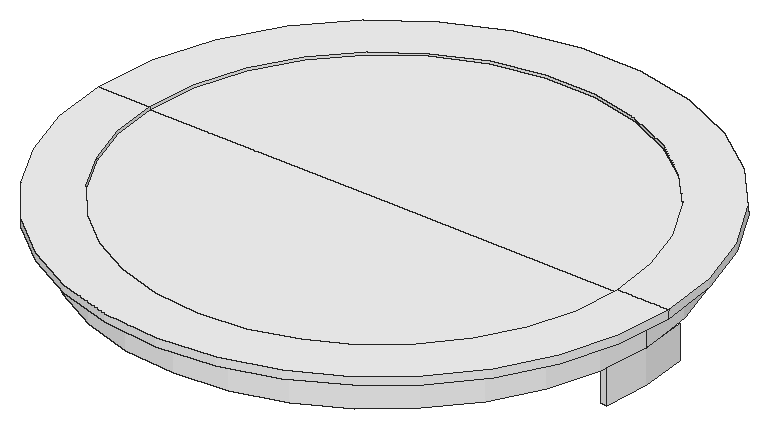
Revit family "0053975", category Lighting Fixtures, host Face, Revit 2017
Family settings
  Host = Face
  Round Connector Dimension = Use Diameter
  Part Type = Normal
  OmniClass Number = 23.80.70.11.14.11
  OmniClass Title = Downlights
  Cut with Voids When Loaded = No
  Light Source = Yes
  Shared = No
  Room Calculation Point = No
Parameters (values of type "0053975 SYLFLAT 205 IP44 1750LM 830 DIM ")
  Weight = "6.54 kg"
  Wattage Comments = "n/a"
  Wattage = 18 W
  WarrantyStartDate [instance] = "n/a"
  WarrantyGuarantorParts = "n/a"
  WarrantyDurationUnit = "year"
  WarrantyDurationParts = "n/a"
  WarrantyDescription = "n/a"
  built-in parameter 1150110 = 1 (stored number, unit not read)
  Voltage = 230 V
  URL = "http://www.sylvania-lighting.com"
  TypeName = "SYLFLAT 205 IP44 1750LM 830 DIM"
  Type Image = <None>
  Type Comments = "n/a"
  built-in parameter 1114217 = 1 (stored number, unit not read)
  Tilt Angle = -90.00°
  built-in parameter 1150109 = 1 (stored number, unit not read)
  built-in parameter 1150134 = (empty or 0)
  built-in parameter 1150113 = 1 (stored number, unit not read)
  SpringMountStartAngle_FEILO = -SpringMountEndAngle_FEILO  # -10.00°
  SpringMountEndAngle_FEILO = 10.00°
  SerialNumber [instance] = "n/a"
  ReflectorMaterial = none
  RecessedHeight_FEILO = 26 mm
  RecessedDiameter_FEILO = 205 mm
  PowerFactor = 0
  PowerConsumption = "18 W"
  Photometric Web File = "0053975.ies"
  NominalLength = 222 mm
  NominalHeight = 26 mm
  NominalDepth = 222 mm
  Name = "SYLFLAT 205 IP44 1750LM 830 DIM"
  ModelReference = Name  # "SYLFLAT 205 IP44 1750LM 830 DIM"
  ModelNumber = "0053975"
  Model = Name  # "SYLFLAT 205 IP44 1750LM 830 DIM"
  Material = "Aluminium"
  ManufacturerName = "Feilo Sylvania"
  Manufacturer = "Feilo Sylvania"
  LuminousEfficacy = "97.22 lm/W"
  built-in parameter 1150105 = 139.26 (stored number, unit not read)
  Lumens = 1750 lm
  LuminaireType = "LED recessed downlight"
  built-in parameter 1150115 = 1 (stored number, unit not read)
  LightOutputRatio = "1"
  built-in parameter 1150137 = (empty or 0)
  built-in parameter 1150139 = (empty or 0)
  LampsType = Lamp  # "LED"
  LampNominalLuminous = "1750 lm"
  LampMacAdamStep = "n/a"
  LampColourTemperature = "3000 K"
  LampColourRenderingIndex = "80"
  built-in parameter 1150112 = 1 (stored number, unit not read)
  built-in parameter 1150114 = 1 (stored number, unit not read)
  Lamp = "LED"
  Keynote = "16500"
  InstallationDate [instance] = "n/a"
  InputVoltage = "220-240V~"
  InputNominalFrequency = "50/60 Hz"
  built-in parameter 1150132 = (empty or 0)
  built-in parameter 1150102 = (empty or 0)
  built-in parameter 1150107 = 3000 (stored number, unit not read)
  built-in parameter 1150138 = (empty or 0)
  IngressProtection = "IP44"
  ImpactProtectionIndex = "IK06"
  built-in parameter 1150106 = 1.3926 (stored number, unit not read)
  IfcExportType = "IfcLightFixtureType"
  IfcExportAs = "IfcLightFixtureType"
  ExpectedLife = 50000
  Emit from Circle Diameter = 182 mm
  Emit Shape Visible in Rendering = no
  ElectricShockClassification = "Class II"
  built-in parameter 1150104 = 9.0322 (stored number, unit not read)
  DurationUnit = "hours"
  DocumentationLiterature = "http://www.sylvania-lighting.com/product/en-int/products/0053975"
  DimmingControlOptions = "Dimmable"
  Dimming Lamp Color Temperature Shift = <None>
  DiffuserMaterial = Diffuser-Sylvania-Glow
  Description = "Integrated LED recessed downlight providing 1620 fixture lumens at a wattage of 18W giving a high efficacy of 90lm/W. Fitting includes Leading/Trailing edge phase dimmable driver and has a round ceiling cut out of 205mm with an IP20 and IK02 rating providing uniform distribution with an Opal diffuser and 110° beam angle. Provided including a Loop in Loop out box and built Built white aluminium housing."
  Default Elevation = 1219.2 mm
  CutoutHeight_FEILO = RecessedHeight_FEILO + 10 mm  # 36 mm
  CreatedOn = "03-11-2017"
  CreatedBy = "aron.fodor@feilosylvania.com"
  Cost = 0
  Color Filter = 16777215
  built-in parameter 1114216 [instance] = (empty or 0)
  ClassificationValue = "EF_70_80"
  ClassificationName = "Uniclass2015"
  BodyWidth_FEILO = 222 mm
  BodyMaterial = Body-Sylvania-SylFlatDimmable-White
  BodyLength_FEILO = 222 mm
  BodyHeight_FEILO = 13 mm
  BarCode [instance] = "n/a"
  built-in parameter 1114218 = 1 (stored number, unit not read)
  built-in parameter 1150133 = 10 (stored number, unit not read)
  AssetType = "Fixed"
  AssetIdentifier [instance] = "n/a"
  Assembly Code = "D5020200"
  Apparent Load = 18 VA
  AccessoryMaterial = Diffuser-Sylvania-Glow
Reference planes
  plane 1 "Center (Front/Back)": y = 0
  plane 2: z = 0
  plane 3 "Center (Left/Right)": x = 0
  plane 4: x = 111
  plane 5: x = -111
  plane 6: y = 111
  plane 7: y = -111
  plane 8: z = 3
  plane 9: z = -26
  plane 10: x = 102.5
  plane 11: x = -102.5
  plane 12: y = 102.5
  plane 13: y = -102.5
  plane 14: z = 2
  plane 15: x = -91
  plane 16: z = -13
  plane 17: x = -100
  plane 18: x = 100
  plane 19: z = -36
Forms (mm)
  Revolve 1, solid, material "Body-Sylvania-SylFlatDimmable-White" <- "BodyMaterial"
    sketch origin (0, 0, 0) x (1, 0, 0) y (0, 0, 1)
      loop
        line (0, -13) -> (0, 2) -> (-91, 2) -> (-91, 3) -> (-111, 3) -> (-111, 0) -> (-102.5, 0) -> (-102.5, -13) -> (0, -13)
      axis (0, 3) -> (0, -13)
    angle from 360 to 0
  Revolve 2, solid, material "Body-Sylvania-SylFlatDimmable-White" <- "BodyMaterial"
    sketch origin (0.654, 0, 0) x (1, 0, 0) y (0, 0, 1)
      loop
        line (-103.154, -13) -> (-103.154, -26) -> (-100.654, -26) -> (-100.654, -13) -> (-103.154, -13)
      axis (-0.654, -13) -> (-0.654, -26)
    angle from -10 <- "SpringMountStartAngle_FEILO" to 10 <- "SpringMountEndAngle_FEILO"
  Revolve 3, solid, material "Body-Sylvania-SylFlatDimmable-White" <- "BodyMaterial"
    sketch origin (0, 0, 0) x (1, 0, 0) y (0, 0, 1)
      loop
        line (102.5, -13) -> (100, -13) -> (100, -26) -> (102.5, -26) -> (102.5, -13)
      axis (0, -13) -> (0, -26)
    angle from -10 <- "SpringMountStartAngle_FEILO" to 10 <- "SpringMountEndAngle_FEILO"
  Revolve 4, void
    sketch origin (0, 0, 0) x (1, 0, 0) y (0, 0, 1)
      loop
        line (0, 0) -> (-102.5, 0) -> (-102.5, -36) -> (0, -36) -> (0, 0)
      axis (0, 0) -> (0, -36)
    angle from 360 to 0
Cuts and joins
  joined: Revolve 1, Revolve 2, Revolve 3
Dimensions and locks
  equal spacing: plane 5, plane 3 "Center (Left/Right)", plane 4
  equal spacing: plane 7, plane 1 "Center (Front/Back)", plane 6
  "BodyWidth_FEILO": plane 7 to plane 6
  "BodyLength_FEILO": plane 5 to plane 4
  "RecessedHeight_FEILO": plane 2 to plane 9
  locked: plane 8 to plane 2 at 3
  equal spacing: plane 11, plane 3 "Center (Left/Right)", plane 10
  "RecessedDiameter_FEILO": plane 11 to plane 10
  equal spacing: plane 13, plane 1 "Center (Front/Back)", plane 12
  "RecessedDiameter_FEILO": plane 13 to plane 12
  locked: plane 14 to plane 2 at 2
  locked: plane 15 to plane 5 at 20
  "BodyHeight_FEILO": plane 2 to plane 16
  equal spacing: plane 18, plane 3 "Center (Left/Right)", plane 17
  locked: plane 17 to plane 11 at 2.5
  "CutoutHeight_FEILO": plane 2 to plane 19
  aligned and locked: plane 2 to host face
  aligned and locked: level to host face
  aligned and locked: plane 3 "Center (Left/Right)" to Revolve 1 sketch curve
  aligned and locked: Revolve 1 sketch curve to plane 14
  aligned and locked: plane 15 to Revolve 1 sketch curve
  aligned and locked: Revolve 1 sketch curve to plane 8
  aligned and locked: Revolve 1 sketch curve to plane 5
  aligned and locked: Revolve 1 sketch curve to plane 11
  aligned and locked: Revolve 1 sketch curve to plane 3 "Center (Left/Right)"
  aligned and locked: Revolve 1 sketch curve to level
  aligned and locked: plane 16 to Revolve 1 sketch curve
  aligned and locked: Revolve 2 sketch curve to Revolve 1  (x2)
  aligned and locked: Revolve 2 sketch curve to plane 9
  aligned and locked: Revolve 2 sketch curve to plane 17
  aligned and locked: Revolve 2 sketch curve to plane 3 "Center (Left/Right)"
  aligned and locked: Revolve 3 sketch curve to plane 3 "Center (Left/Right)"
  aligned and locked: Revolve 3 sketch curve to Revolve 1  (x2)
  aligned and locked: plane 9 to Revolve 3 sketch curve
  aligned and locked: Revolve 3 sketch curve to plane 18
  aligned and locked: Revolve 4 sketch curve to plane 3 "Center (Left/Right)"
  aligned and locked: plane 19 to Revolve 4 sketch curve
  aligned and locked: plane 3 "Center (Left/Right)" to Revolve 4 sketch curve
  aligned and locked: Revolve 4 sketch curve to plane 11
  aligned and locked: level to Revolve 4 sketch curve
  aligned and locked: imposter light to plane 14
  aligned and locked: plane 3 "Center (Left/Right)" to imposter light
  aligned and locked: imposter light to plane 1 "Center (Front/Back)"
Automatic sketch dimensions
  host sketch curve to host sketch curve = 2438.4 mm  (x2)
  plane 9 to Revolve 1 sketch curve = 587.6 mm
  Revolve 1 sketch curve to plane 8 = 2606.058 mm
  plane 9 to Revolve 2 sketch curve = 587.6 mm
  Revolve 2 sketch curve to plane 8 = 2606.058 mm
  plane 9 to Revolve 3 sketch curve = 587.6 mm
  Revolve 3 sketch curve to plane 8 = 2606.058 mm
  plane 19 to Revolve 4 sketch curve = 577.6 mm
  Revolve 4 sketch curve to plane 8 = 2606.058 mm
Connectors
  electrical at (0, 0, 0), driven by "Apparent Load", driven by "PowerFactor", driven by "Voltage"
    settings: index 1, voltage 230 V, apparent load 18 VA, apparent load phase1 0 VA, apparent load phase2 0 VA, apparent load phase3 0 VA, power factor 0, load classification "Lighting", number of poles 1, system type 30, power factor state 1, is connector primary yes, connector utility no, sub classification motor no, connector description ""
